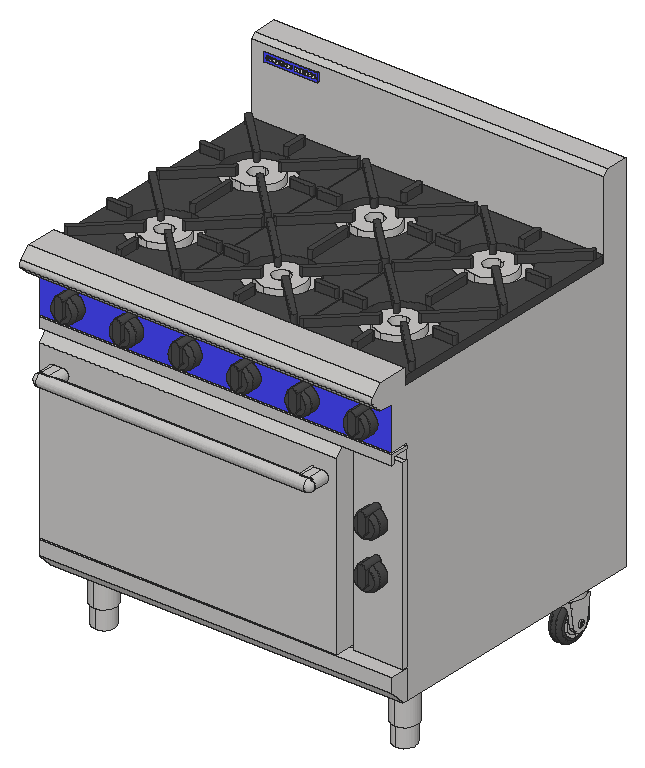
Revit family "QF_MOFFAT_BLUESEAL_CE_GE506D", category Specialty Equipment, Revit 2012
Parameters
  Width = 900 mm  # constant formula
  Weight in Pounds = 485
  Watts = 6500 W
  Volts = 400 V
  URL Cutsheet = "www.moffat.com"
  URL = "www.moffat.com"
  Type Mark [instance] = ""
  Status [instance] = ""
  Specification by User [instance] = ""
  Specification by Manufacturer = ""
  Show Logo [instance] = yes
  Show Clearance [instance] = yes
  Show Casters [instance] = yes
  Serial Number = ""
  Seismic Rating = ""
  SMACNA No = ""
  Revision Code [instance] = ""
  Phase = 3
  Omniclass Number and Title = ""
  Number of Poles [instance] = 1
  NAFEM Spec ID Number = ""
  Model = "GE506D"
  Min Ckt Ampacity = 0 A
  Mechanical Remarks = ""
  Mechanical Connection Type [instance] = ""
  Max Overcurrent Protection = 0 A
  Masterspec = ""
  Manufacturer = "MOFFAT BLUESEAL"
  Legs [instance] = not(Show Casters)  # no
  Item Number [instance] = ""
  Installed By [instance] = ""
  Identify Quantity as Lot [instance] = yes
  Height = 970 mm  # constant formula
  HP = ""
  Gas Size = 3/4"
  Gas RI Height [instance] = 0 mm
  Gas KW [instance] = 46.6
  Gas Input [instance] = 159233.0 Btu/h
  Gas Connection Height = 0 mm
  Furnished By [instance] = ""
  Foodservice Equipment Identifier [instance] = yes
  FL Amps = 9.4 A
  Electrical Remarks = "9.4A PER PHASE"
  Electric Connection Type = ""
  Elec Conn RI Height = 0 mm
  Elec Conn Connection Height = 0 mm
  Description = "900MM GAS RANGE WITH ELECTRIC STATIC OVEN"
  Depth = 812 mm  # constant formula
  Cycle = 50 Hz
  Conn Plug = ""
  Conn Conduit = yes
  CSI MasterFormat = ""
  CSI Master Format = ""
  Body Finish = QF_Finishes_Stainless Steel
  Apparent Power = 0 VA
Reference planes
  plane 1 "BACK": y = 0
  plane 2: z = 0
  plane 3 "LEFT": x = 0
  plane 4 "RIGHT": x = 900
  plane 5 "FRONT": y = -812
  plane 6 "TOP": z = 970
  plane 7 "Center Y": x = 450
  plane 8 "Center X": y = -406
  plane 9: x = 280
  plane 10: y = -574.272
  plane 11: x = 60
  plane 12: y = -304.972
  plane 13: y = -364.972
  plane 14: x = 74
  plane 15: y = -812
  plane 16: x = 834.5
  plane 17: y = -32
  plane 18: z = 655
  plane 19: y = -100
  plane 20: z = 1085
  plane 21: y = -705
  plane 22: x = 65.8
  plane 23: x = 534.2
  plane 24: x = 834.2
Forms (mm)
  Extrusion 1, solid, material "QF_Finishes_Stainless Steel" <- "Body Finish"
    sketch origin (0, 0, 0) x (0, 1, 0) y (0, 0, 1)
      loop
        line (0, 150) -> (0, 1085) -> (-57.5, 1085) -> (-70, 1072.5) -> (-70, 875) -> (-705, 875) -> (-705, 915) -> (-783.97, 915) -> (-808.476, 890.494)
        arc (-808.476, 890.494) -> (-811.994, 882) -> (-808.476, 873.506) r 12.013
        line (-808.476, 873.506) -> (-784.97, 850) -> (-749, 850) -> (-749, 740) -> (-699, 740) -> (-699, 150) -> (0, 150)
    from 0 to 900
  Extrusion 2, solid, material "QF_Finishes_Stainless Steel"
    sketch origin (0, 7, 0) x (0, 1, 0) y (0, 0, 1)
      loop
        line (-706, 700) -> (-732, 700) -> (-756, 676) -> (-756, 227.5) -> (-706, 227.5) -> (-706, 700)
    from 0 to 760
  Extrusion 3, solid, material "QF_Finishes_Stainless Steel"
    sketch origin (723.5, 7, 0) x (0, 1, 0) y (0, 0, 1)
      loop
        line (-706, 700) -> (-721, 700) -> (-721, 227.5) -> (-706, 227.5) -> (-706, 700)
    from 51.5 to 176.5
  Revolve 4, solid, material "QF_Finishes_Stainless Steel" <- "Body Finish"
    sketch origin (834.5, -696.126, 0) x (0, 1, 0) y (0, 0, -1)
      loop
        line (39.376, -150) -> (71.126, -150) -> (71.126, 0) -> (43.626, 0) -> (43.626, -50) -> (39.376, -50) -> (39.376, -150)
      axis (71.126, -150) -> (71.126, 0)
    angle from 0 to 360
  Revolve 5, solid, material "QF_Finishes_Stainless Steel" <- "Body Finish"
    sketch origin (65.5, -696.126, 0) x (0, 1, 0) y (0, 0, 1)
      loop
        line (39.376, 150) -> (39.376, 50) -> (43.626, 50) -> (43.626, 0) -> (71.126, 0) -> (71.126, 150) -> (39.376, 150)
      axis (71.126, 150) -> (71.126, 0)
    angle from 0 to 360
  Extrusion 6, solid, material "QF_Finishes_Stainless Steel"
    sketch origin (-64.5, 0, 325) x (1, 0, 0) y (0, 1, 0)
      loop
        circle (834.5, -32) r 10
    from 330 to 371
  Revolve 7, solid, material "QF_Finishes_Black"
    sketch origin (839.351, 45.874, -0.118) x (0, 1, 0) y (0, 0, 1)
      loop
        line (-827.874, 829.5) -> (-838.874, 823.651) -> (-838.874, 797) -> (-794.874, 797) -> (-794.874, 802) -> (-804.874, 802) -> (-804.874, 829.5) -> (-827.874, 829.5)
      axis (-838.874, 797) -> (-794.874, 797)
    angle from 0 to 360
  Revolve 8, solid, material "QF_Finishes_Black"
    sketch origin (689.351, 45.874, -0.118) x (0, 1, 0) y (0, 0, 1)
      loop
        line (-827.874, 829.5) -> (-838.874, 823.651) -> (-838.874, 797) -> (-794.874, 797) -> (-794.874, 802) -> (-804.874, 802) -> (-804.874, 829.5) -> (-827.874, 829.5)
      axis (-838.874, 797) -> (-794.874, 797)
    angle from 0 to 360
  Revolve 9, solid, material "QF_Finishes_Black"
    sketch origin (90.649, 45.874, -0.118) x (0, 1, 0) y (0, 0, -1)
      loop
        line (-827.874, -829.5) -> (-804.874, -829.5) -> (-804.874, -802) -> (-794.874, -802) -> (-794.874, -797) -> (-838.874, -797) -> (-838.874, -823.651) -> (-827.874, -829.5)
      axis (-838.874, -797) -> (-794.874, -797)
    angle from 0 to 360
  Revolve 10, solid, material "QF_Finishes_Black"
    sketch origin (240.649, 45.874, -0.118) x (0, 1, 0) y (0, 0, -1)
      loop
        line (-827.874, -829.5) -> (-804.874, -829.5) -> (-804.874, -802) -> (-794.874, -802) -> (-794.874, -797) -> (-838.874, -797) -> (-838.874, -823.651) -> (-827.874, -829.5)
      axis (-838.874, -797) -> (-794.874, -797)
    angle from 0 to 360
  Revolve 11, solid, material "QF_Finishes_Black"
    sketch origin (390.625, 45.874, -0.118) x (0, 1, 0) y (0, 0, -1)
      loop
        line (-827.874, -829.5) -> (-804.874, -829.5) -> (-804.874, -802) -> (-794.874, -802) -> (-794.874, -797) -> (-838.874, -797) -> (-838.874, -823.651) -> (-827.874, -829.5)
      axis (-838.874, -797) -> (-794.874, -797)
    angle from 0 to 360
  Extrusion 12, solid, material "QF_Finishes_Black"
    sketch origin (238.456, 7, -0.118) x (-1, 0, 0) y (0, 0, -1)
      loop
        arc (158.3, -789) -> (148.3, -779) -> (138.3, -789) r 10
        line (138.3, -789) -> (138.3, -824)
        arc (138.3, -824) -> (148.3, -834) -> (158.3, -824) r 10
        line (158.3, -824) -> (158.3, -789)
    from 759 to 808
  Extrusion 13, solid, material "QF_Finishes_Black"
    sketch origin (388.456, 7, -0.118) x (-1, 0, 0) y (0, 0, -1)
      loop
        arc (158.3, -789) -> (148.3, -779) -> (138.3, -789) r 10
        line (138.3, -789) -> (138.3, -824)
        arc (138.3, -824) -> (148.3, -834) -> (158.3, -824) r 10
        line (158.3, -824) -> (158.3, -789)
    from 759 to 808
  Extrusion 14, solid, material "QF_Finishes_Black"
    sketch origin (691.544, 7, -0.118) x (1, 0, 0) y (0, 0, 1)
      loop
        line (158.3, 789) -> (158.3, 824)
        arc (158.3, 824) -> (148.3, 834) -> (138.3, 824) r 10
        line (138.3, 824) -> (138.3, 789)
        arc (138.3, 789) -> (148.3, 779) -> (158.3, 789) r 10
    from 759 to 808
  Extrusion 15, solid, material "QF_Finishes_Black"
    sketch origin (541.544, 7, -0.118) x (1, 0, 0) y (0, 0, 1)
      loop
        line (158.3, 789) -> (158.3, 824)
        arc (158.3, 824) -> (148.3, 834) -> (138.3, 824) r 10
        line (138.3, 824) -> (138.3, 789)
        arc (138.3, 789) -> (148.3, 779) -> (158.3, 789) r 10
    from 759 to 808
  Extrusion 16, solid, material "QF_Finishes_Black"
    sketch origin (538.432, 7, -0.118) x (-1, 0, 0) y (0, 0, -1)
      loop
        arc (158.3, -789) -> (148.3, -779) -> (138.3, -789) r 10
        line (138.3, -789) -> (138.3, -824)
        arc (138.3, -824) -> (148.3, -834) -> (158.3, -824) r 10
        line (158.3, -824) -> (158.3, -789)
    from 759 to 808
  Extrusion 17, solid, material "QF_Finishes_Black"
    sketch origin (688.432, 7, -0.118) x (-1, 0, 0) y (0, 0, -1)
      loop
        arc (158.3, -789) -> (148.3, -779) -> (138.3, -789) r 10
        line (138.3, -789) -> (138.3, -824)
        arc (138.3, -824) -> (148.3, -834) -> (158.3, -824) r 10
        line (158.3, -824) -> (158.3, -789)
    from 759 to 808
  Revolve 18, solid, material "QF_Finishes_Black"
    sketch origin (836.851, 80.874, -245.743) x (0, 1, 0) y (0, 0, 1)
      loop
        line (-827.874, 829.5) -> (-838.874, 823.651) -> (-838.874, 797) -> (-794.874, 797) -> (-794.874, 802) -> (-804.874, 802) -> (-804.874, 829.5) -> (-827.874, 829.5)
      axis (-838.874, 797) -> (-794.874, 797)
    angle from 0 to 360
  Extrusion 19, solid, material "QF_Finishes_Black"
    sketch origin (689.044, 42, -245.743) x (1, 0, 0) y (0, 0, 1)
      loop
        line (158.3, 789) -> (158.3, 824)
        arc (158.3, 824) -> (148.3, 834) -> (138.3, 824) r 10
        line (138.3, 824) -> (138.3, 789)
        arc (138.3, 789) -> (148.3, 779) -> (158.3, 789) r 10
    from 759 to 808
  Extrusion 20, solid, material "QF_Door-Drawer Clearances", visible <- "Show Clearance", detail levels coarse
    sketch origin (0, 7, 0) x (0, -1, 0) y (0, 0, 1)
      loop
        line (756, 697.347) -> (756, 227.5) -> (1225.847, 227.5)
        arc (1225.847, 227.5) -> (1088.232, 559.732) -> (756, 697.347) r 469.847
    from 0 to -760
  Extrusion 21, void
    sketch origin (0, 0, 220) x (1, 0, 0) y (0, 1, 0)
      loop
        line (824, -87) -> (824, 0) -> (694, 0) -> (694, -39) -> (744, -87) -> (824, -87)
    from 0 to 476
  Revolve 22, solid, material "QF_Finishes_Black"
    sketch origin (540.625, 45.874, -0.118) x (0, 1, 0) y (0, 0, -1)
      loop
        line (-827.874, -829.5) -> (-804.874, -829.5) -> (-804.874, -802) -> (-794.874, -802) -> (-794.874, -797) -> (-838.874, -797) -> (-838.874, -823.651) -> (-827.874, -829.5)
      axis (-838.874, -797) -> (-794.874, -797)
    angle from 0 to 360
  Extrusion 23, solid, material "QF_Finishes_Stainless Steel"
    sketch origin (0, -749, 227.5) x (0, 0, 1) y (-1, 0, 0)
      loop
        line (380.625, -38.246) -> (380.625, -58.528)
        arc (380.625, -58.528) -> (395.625, -73.528) -> (410.625, -58.528) r 15
        line (410.625, -58.528) -> (410.625, -38.246)
        arc (410.625, -38.246) -> (395.625, -23.246) -> (380.625, -38.246) r 15
      loop
        arc (380.625, -723.039) -> (395.625, -738.039) -> (410.625, -723.039) r 15
        line (410.625, -723.039) -> (410.625, -702.757)
        arc (410.625, -702.757) -> (395.625, -687.757) -> (380.625, -702.757) r 15
        line (380.625, -702.757) -> (380.625, -723.039)
    from 0 to 44
  Revolve 24, solid, material "QF_Finishes_Stainless Steel"
    sketch origin (0, -793, 0) x (1, 0, 0) y (0, 0, 1)
      loop
        arc (738.039, 623.125) -> (733.646, 633.732) -> (723.039, 638.125) r 15
        line (723.039, 638.125) -> (38.246, 638.125)
        arc (38.246, 638.125) -> (27.64, 633.732) -> (23.246, 623.125) r 15
        line (23.246, 623.125) -> (738.039, 623.125)
      axis (738.039, 623.125) -> (23.246, 623.125)
    angle from 0 to 360
  Extrusion 25, solid, material "QF_Finishes_Stainless Steel" <- "Body Finish"
    sketch origin (0, 7, 0) x (0, 1, 0) y (0, 0, 1)
      loop
        line (-756, 710) -> (-747.224, 710) -> (-749.613, 726.999) -> (-707.93, 726.999) -> (-707.93, 734.003) -> (-756, 734.003) -> (-756, 710)
    from 0 to 900
  Extrusion 26, solid, material "QF_Finishes_Stainless Steel" <- "Body Finish"
    sketch origin (0, 4.73, 0) x (0, 1, 0) y (0, 0, 1)
      loop
        line (-753.73, 222.5) -> (-753.73, 186) -> (-717.73, 150) -> (-703.73, 150) -> (-703.73, 222.5) -> (-753.73, 222.5)
    from 0 to 900
  Extrusion 27, solid, material "QF_Finishes_Stainless Steel", visible <- "Show Casters"
    sketch origin (71.501, 133.353, -8.783) x (0, 1, 0) y (0, 0, 1)
      loop
        line (-201.603, 118.783) -> (-265.103, 118.783) -> (-252.746, 53.895)
        arc (-252.746, 53.895) -> (-233.353, 38.783) -> (-213.959, 53.895) r 20
        line (-213.959, 53.895) -> (-201.603, 118.783)
    from -35.667 to 22.923
  Revolve 28, solid, material "QF_Finishes_Stainless Steel", visible <- "Show Casters"
    sketch origin (65, -203, 0) x (0, 1, 0) y (0, 0, 1)
      loop
        line (67.25, 150) -> (67.25, 110) -> (103, 110) -> (103, 150) -> (67.25, 150)
      axis (103, 150) -> (103, 110)
    angle from 0 to 360
  Revolve 29, solid, material "QF_Finishes_Stainless Steel", visible <- "Show Casters"
    sketch origin (834.5, -203, 0) x (0, 1, 0) y (0, 0, -1)
      loop
        line (67.25, -150) -> (103, -150) -> (103, -110) -> (67.25, -110) -> (67.25, -150)
      axis (103, -150) -> (103, -110)
    angle from 0 to 360
  Revolve 30, solid, material "QF_Finishes_Stainless Steel", visible <- "Show Casters"
    sketch origin (785.276, -99.755, -13.653) x (1, 0, 0) y (0, 0, 1)
      loop
        line (14.841, 64.453) -> (83.584, 64.453) -> (83.584, 67.958) -> (82.314, 69.228) -> (80.79, 69.228) -> (80.79, 72.674) -> (68.644, 72.674) -> (68.644, 82.639) -> (65.088, 84.692) -> (63.738, 93.028) -> (65.881, 93.028) -> (65.881, 99.378) -> (65.088, 99.378) -> (65.088, 105.728)
        arc (65.088, 105.728) -> (62.298, 112.463) -> (55.563, 115.253) r 9.525
        line (55.563, 115.253) -> (42.863, 115.253)
        arc (42.863, 115.253) -> (36.127, 112.463) -> (33.338, 105.728) r 9.525
        line (33.338, 105.728) -> (33.338, 99.378) -> (32.544, 99.378) -> (32.544, 93.028) -> (34.687, 93.028) -> (33.352, 84.781) -> (29.782, 82.719) -> (29.782, 72.674) -> (17.635, 72.674) -> (17.635, 69.228) -> (16.111, 69.228) -> (14.841, 67.958) -> (14.841, 64.453)
      axis (14.841, 64.453) -> (83.584, 64.453)
    angle from 0 to 360
  Extrusion 31, solid, material "QF_Finishes_Stainless Steel", visible <- "Show Casters"
    sketch origin (841.001, 133.353, -8.783) x (0, 1, 0) y (0, 0, 1)
      loop
        line (-201.603, 118.783) -> (-265.103, 118.783) -> (-252.746, 53.895)
        arc (-252.746, 53.895) -> (-233.353, 38.783) -> (-213.959, 53.895) r 20
        line (-213.959, 53.895) -> (-201.603, 118.783)
    from -35.667 to 22.923
  Revolve 32, solid, material "QF_Finishes_Stainless Steel", visible <- "Legs"
    sketch origin (65, -165, 0) x (0, 1, 0) y (0, 0, 1)
      loop
        line (33.25, 150) -> (33.25, 50) -> (37.5, 50) -> (37.5, 0) -> (65, 0) -> (65, 150) -> (33.25, 150)
      axis (65, 150) -> (65, 0)
    angle from 0 to 360
  Revolve 33, solid, material "QF_Finishes_Stainless Steel", visible <- "Legs"
    sketch origin (834.5, -165, 0) x (0, 1, 0) y (0, 0, -1)
      loop
        line (33.25, -150) -> (65, -150) -> (65, 0) -> (37.5, 0) -> (37.5, -50) -> (33.25, -50) -> (33.25, -150)
      axis (65, -150) -> (65, 0)
    angle from 0 to 360
  Revolve 34, solid, material "QF_Finishes_Stainless Steel", visible <- "Show Casters"
    sketch origin (114.224, -99.755, -13.653) x (-1, 0, 0) y (0, 0, -1)
      loop
        line (14.841, -64.453) -> (14.841, -67.958) -> (16.111, -69.228) -> (17.635, -69.228) -> (17.635, -72.674) -> (29.782, -72.674) -> (29.782, -82.719) -> (33.352, -84.781) -> (34.687, -93.028) -> (32.544, -93.028) -> (32.544, -99.378) -> (33.338, -99.378) -> (33.338, -105.728)
        arc (33.338, -105.728) -> (36.127, -112.463) -> (42.863, -115.253) r 9.525
        line (42.863, -115.253) -> (55.563, -115.253)
        arc (55.563, -115.253) -> (62.298, -112.463) -> (65.088, -105.728) r 9.525
        line (65.088, -105.728) -> (65.088, -99.378) -> (65.881, -99.378) -> (65.881, -93.028) -> (63.738, -93.028) -> (65.088, -84.692) -> (68.644, -82.639) -> (68.644, -72.674) -> (80.79, -72.674) -> (80.79, -69.228) -> (82.314, -69.228) -> (83.584, -67.958) -> (83.584, -64.453) -> (14.841, -64.453)
      axis (14.841, -64.453) -> (83.584, -64.453)
    angle from 0 to 360
  Extrusion 35, solid, material "QF_Finishes_Black"
    sketch origin (0, -70, 875) x (0, -1, 0) y (1, 0, 0)
      loop
        arc (1, 4) -> (1.879, 1.879) -> (4, 1) r 3
        line (4, 1) -> (632, 1)
        arc (632, 1) -> (634.121, 1.879) -> (635, 4) r 3
        line (635, 4) -> (635, 297)
        arc (635, 297) -> (634.121, 299.121) -> (632, 300) r 3
        line (632, 300) -> (4, 300)
        arc (4, 300) -> (1.879, 299.121) -> (1, 297) r 3
        line (1, 297) -> (1, 4)
      loop
        circle (167.5, 150) r 85
      loop
        circle (467.768, 150) r 85
    from 0 to 19.5
  Extrusion 36, solid, material "QF_Finishes_Black"
    sketch origin (0, -73.5, 894.5) x (0, -1, 0) y (1, 0, 0)
      loop
        spline (323.602, 15.153) -> (322.681, 13.924) -> (322.131, 12.47) -> (321.99, 10.89) -> (322.267, 9.292) -> (322.943, 7.786) -> (323.973, 6.473) -> (325.286, 5.443) -> (326.792, 4.767) -> (328.39, 4.49) -> (329.97, 4.631) -> (331.424, 5.181) -> (332.653, 6.102)
        line (332.653, 6.102) -> (440.576, 114.025)
        spline (440.576, 114.025) -> (441.337, 115.095) -> (441.738, 116.399) -> (441.751, 117.851) -> (441.375, 119.35) -> (440.637, 120.795) -> (439.586, 122.086) -> (438.295, 123.137) -> (436.85, 123.875) -> (435.351, 124.251) -> (433.899, 124.238) -> (432.595, 123.837) -> (431.525, 123.076)
        line (431.525, 123.076) -> (323.602, 15.153)
      loop
        spline (371.852, 143.6) -> (373.146, 143.818) -> (374.352, 144.457) -> (375.388, 145.475) -> (376.182, 146.8) -> (376.682, 148.344) -> (376.852, 150) -> (376.682, 151.656) -> (376.182, 153.2) -> (375.388, 154.525) -> (374.352, 155.543) -> (373.146, 156.182) -> (371.852, 156.4)
        line (371.852, 156.4) -> (259.398, 156.4)
        spline (259.398, 156.4) -> (258.104, 156.182) -> (256.898, 155.543) -> (255.862, 154.525) -> (255.068, 153.2) -> (254.568, 151.656) -> (254.398, 150) -> (254.568, 148.344) -> (255.068, 146.8) -> (255.862, 145.475) -> (256.898, 144.457) -> (258.104, 143.818) -> (259.398, 143.6)
        line (259.398, 143.6) -> (371.852, 143.6)
      loop
        line (311.398, 15.153) -> (203.475, 123.076)
        spline (203.475, 123.076) -> (202.405, 123.837) -> (201.101, 124.238) -> (199.649, 124.251) -> (198.15, 123.875) -> (196.705, 123.137) -> (195.414, 122.086) -> (194.363, 120.795) -> (193.625, 119.35) -> (193.249, 117.851) -> (193.262, 116.399) -> (193.663, 115.095) -> (194.424, 114.025)
        line (194.424, 114.025) -> (302.347, 6.102)
        spline (302.347, 6.102) -> (303.416, 5.341) -> (304.721, 4.941) -> (306.172, 4.928) -> (307.671, 5.303) -> (309.116, 6.041) -> (310.408, 7.092) -> (311.459, 8.384) -> (312.197, 9.829) -> (312.572, 11.328) -> (312.559, 12.779) -> (312.159, 14.084) -> (311.398, 15.153)
      loop
        line (323.602, 284.847) -> (431.525, 176.924)
        spline (431.525, 176.924) -> (432.595, 176.163) -> (433.899, 175.762) -> (435.351, 175.749) -> (436.85, 176.125) -> (438.295, 176.863) -> (439.586, 177.914) -> (440.637, 179.205) -> (441.375, 180.65) -> (441.751, 182.149) -> (441.738, 183.601) -> (441.337, 184.905) -> (440.576, 185.975)
        line (440.576, 185.975) -> (332.653, 293.898)
        spline (332.653, 293.898) -> (331.424, 294.819) -> (329.97, 295.369) -> (328.39, 295.51) -> (326.792, 295.233) -> (325.286, 294.557) -> (323.973, 293.527) -> (322.943, 292.214) -> (322.267, 290.708) -> (321.99, 289.11) -> (322.131, 287.53) -> (322.681, 286.076) -> (323.602, 284.847)
      loop
        spline (311.398, 284.847) -> (312.159, 285.916) -> (312.559, 287.221) -> (312.572, 288.672) -> (312.197, 290.171) -> (311.459, 291.616) -> (310.408, 292.908) -> (309.116, 293.959) -> (307.671, 294.697) -> (306.172, 295.072) -> (304.721, 295.059) -> (303.416, 294.659) -> (302.347, 293.898)
        line (302.347, 293.898) -> (194.424, 185.975)
        spline (194.424, 185.975) -> (193.663, 184.905) -> (193.262, 183.601) -> (193.249, 182.149) -> (193.625, 180.65) -> (194.363, 179.205) -> (195.414, 177.914) -> (196.705, 176.863) -> (198.15, 176.125) -> (199.649, 175.749) -> (201.101, 175.762) -> (202.405, 176.163) -> (203.475, 176.924)
        line (203.475, 176.924) -> (311.398, 284.847)
      loop
        spline (73.549, 143.6) -> (74.844, 143.818) -> (76.049, 144.457) -> (77.085, 145.475) -> (77.88, 146.8) -> (78.379, 148.344) -> (78.549, 150) -> (78.379, 151.656) -> (77.88, 153.2) -> (77.085, 154.525) -> (76.049, 155.543) -> (74.844, 156.182) -> (73.549, 156.4)
        line (73.549, 156.4) -> (25.093, 156.4)
        spline (25.093, 156.4) -> (23.799, 156.182) -> (22.593, 155.543) -> (21.558, 154.525) -> (20.763, 153.2) -> (20.264, 151.656) -> (20.093, 150) -> (20.264, 148.344) -> (20.763, 146.8) -> (21.558, 145.475) -> (22.593, 144.457) -> (23.799, 143.818) -> (25.093, 143.6)
        line (25.093, 143.6) -> (73.549, 143.6)
      loop
        spline (608.1, 143.6) -> (609.394, 143.818) -> (610.6, 144.457) -> (611.636, 145.475) -> (612.43, 146.8) -> (612.93, 148.344) -> (613.1, 150) -> (612.93, 151.656) -> (612.43, 153.2) -> (611.636, 154.525) -> (610.6, 155.543) -> (609.394, 156.182) -> (608.1, 156.4)
        line (608.1, 156.4) -> (558.644, 156.4)
        spline (558.644, 156.4) -> (557.35, 156.182) -> (556.144, 155.543) -> (555.108, 154.525) -> (554.314, 153.2) -> (553.814, 151.656) -> (553.644, 150) -> (553.814, 148.344) -> (554.314, 146.8) -> (555.108, 145.475) -> (556.144, 144.457) -> (557.35, 143.818) -> (558.644, 143.6)
        line (558.644, 143.6) -> (608.1, 143.6)
      loop
        spline (457.6, 10.156) -> (457.818, 8.862) -> (458.457, 7.656) -> (459.475, 6.62) -> (460.8, 5.826) -> (462.344, 5.326) -> (464, 5.156) -> (465.656, 5.326) -> (467.2, 5.826) -> (468.525, 6.62) -> (469.543, 7.656) -> (470.182, 8.862) -> (470.4, 10.156)
        line (470.4, 10.156) -> (470.4, 58.612)
        spline (470.4, 58.612) -> (470.182, 59.906) -> (469.543, 61.112) -> (468.525, 62.148) -> (467.2, 62.942) -> (465.656, 63.442) -> (464, 63.612) -> (462.344, 63.442) -> (460.8, 62.942) -> (459.475, 62.148) -> (458.457, 61.112) -> (457.818, 59.906) -> (457.6, 58.612)
        line (457.6, 58.612) -> (457.6, 10.156)
      loop
        spline (160.966, 10.156) -> (161.184, 8.862) -> (161.823, 7.656) -> (162.841, 6.62) -> (164.166, 5.826) -> (165.71, 5.326) -> (167.366, 5.156) -> (169.022, 5.326) -> (170.566, 5.826) -> (171.892, 6.62) -> (172.909, 7.656) -> (173.548, 8.862) -> (173.766, 10.156)
        line (173.766, 10.156) -> (173.766, 58.612)
        spline (173.766, 58.612) -> (173.548, 59.906) -> (172.909, 61.112) -> (171.892, 62.148) -> (170.566, 62.942) -> (169.022, 63.442) -> (167.366, 63.612) -> (165.71, 63.442) -> (164.166, 62.942) -> (162.841, 62.148) -> (161.823, 61.112) -> (161.184, 59.906) -> (160.966, 58.612)
        line (160.966, 58.612) -> (160.966, 10.156)
      loop
        spline (457.6, 241.636) -> (457.818, 240.342) -> (458.457, 239.136) -> (459.475, 238.1) -> (460.8, 237.306) -> (462.344, 236.806) -> (464, 236.636) -> (465.656, 236.806) -> (467.2, 237.306) -> (468.525, 238.1) -> (469.543, 239.136) -> (470.182, 240.342) -> (470.4, 241.636)
        line (470.4, 241.636) -> (470.4, 290.092)
        spline (470.4, 290.092) -> (470.182, 291.386) -> (469.543, 292.592) -> (468.525, 293.628) -> (467.2, 294.422) -> (465.656, 294.922) -> (464, 295.092) -> (462.344, 294.922) -> (460.8, 294.422) -> (459.475, 293.628) -> (458.457, 292.592) -> (457.818, 291.386) -> (457.6, 290.092)
        line (457.6, 290.092) -> (457.6, 241.636)
      loop
        spline (160.966, 241.636) -> (161.184, 240.342) -> (161.823, 239.136) -> (162.841, 238.1) -> (164.166, 237.306) -> (165.71, 236.806) -> (167.366, 236.636) -> (169.022, 236.806) -> (170.566, 237.306) -> (171.892, 238.1) -> (172.909, 239.136) -> (173.548, 240.342) -> (173.766, 241.636)
        line (173.766, 241.636) -> (173.766, 290.092)
        spline (173.766, 290.092) -> (173.548, 291.386) -> (172.909, 292.592) -> (171.892, 293.628) -> (170.566, 294.422) -> (169.022, 294.922) -> (167.366, 295.092) -> (165.71, 294.922) -> (164.166, 294.422) -> (162.841, 293.628) -> (161.823, 292.592) -> (161.184, 291.386) -> (160.966, 290.092)
        line (160.966, 290.092) -> (160.966, 241.636)
      loop
        line (604.398, 15.153) -> (496.475, 123.076)
        spline (496.475, 123.076) -> (495.405, 123.837) -> (494.101, 124.238) -> (492.649, 124.251) -> (491.15, 123.875) -> (489.705, 123.137) -> (488.414, 122.086) -> (487.363, 120.795) -> (486.625, 119.35) -> (486.249, 117.851) -> (486.262, 116.399) -> (486.663, 115.095) -> (487.424, 114.025)
        line (487.424, 114.025) -> (595.347, 6.102)
        spline (595.347, 6.102) -> (596.576, 5.181) -> (598.03, 4.631) -> (599.61, 4.49) -> (601.208, 4.767) -> (602.714, 5.443) -> (604.027, 6.473) -> (605.057, 7.786) -> (605.733, 9.292) -> (606.01, 10.89) -> (605.869, 12.47) -> (605.319, 13.924) -> (604.398, 15.153)
      loop
        spline (604.398, 284.847) -> (605.319, 286.076) -> (605.869, 287.53) -> (606.01, 289.11) -> (605.733, 290.708) -> (605.057, 292.214) -> (604.027, 293.527) -> (602.714, 294.557) -> (601.208, 295.233) -> (599.61, 295.51) -> (598.03, 295.369) -> (596.576, 294.819) -> (595.347, 293.898)
        line (595.347, 293.898) -> (487.424, 185.975)
        spline (487.424, 185.975) -> (486.663, 184.905) -> (486.262, 183.601) -> (486.249, 182.149) -> (486.625, 180.65) -> (487.363, 179.205) -> (488.414, 177.914) -> (489.705, 176.863) -> (491.15, 176.125) -> (492.649, 175.749) -> (494.101, 175.762) -> (495.405, 176.163) -> (496.475, 176.924)
        line (496.475, 176.924) -> (604.398, 284.847)
      loop
        spline (16.602, 15.153) -> (15.841, 14.084) -> (15.441, 12.779) -> (15.428, 11.328) -> (15.803, 9.829) -> (16.541, 8.384) -> (17.592, 7.092) -> (18.884, 6.041) -> (20.329, 5.303) -> (21.828, 4.928) -> (23.279, 4.941) -> (24.584, 5.341) -> (25.653, 6.102)
        line (25.653, 6.102) -> (133.576, 114.025)
        spline (133.576, 114.025) -> (134.337, 115.095) -> (134.738, 116.399) -> (134.751, 117.851) -> (134.375, 119.35) -> (133.637, 120.795) -> (132.586, 122.086) -> (131.295, 123.137) -> (129.85, 123.875) -> (128.351, 124.251) -> (126.899, 124.238) -> (125.595, 123.837) -> (124.525, 123.076)
        line (124.525, 123.076) -> (16.602, 15.153)
      loop
        line (16.602, 284.847) -> (124.525, 176.924)
        spline (124.525, 176.924) -> (125.595, 176.163) -> (126.899, 175.762) -> (128.351, 175.749) -> (129.85, 176.125) -> (131.295, 176.863) -> (132.586, 177.914) -> (133.637, 179.205) -> (134.375, 180.65) -> (134.751, 182.149) -> (134.738, 183.601) -> (134.337, 184.905) -> (133.576, 185.975)
        line (133.576, 185.975) -> (25.653, 293.898)
        spline (25.653, 293.898) -> (24.584, 294.659) -> (23.279, 295.059) -> (21.828, 295.072) -> (20.329, 294.697) -> (18.884, 293.959) -> (17.592, 292.908) -> (16.541, 291.616) -> (15.803, 290.171) -> (15.428, 288.672) -> (15.441, 287.221) -> (15.841, 285.916) -> (16.602, 284.847)
      loop
        line (323.602, 584.847) -> (431.525, 476.924)
        spline (431.525, 476.924) -> (432.595, 476.163) -> (433.899, 475.762) -> (435.351, 475.749) -> (436.85, 476.125) -> (438.295, 476.863) -> (439.586, 477.914) -> (440.637, 479.205) -> (441.375, 480.65) -> (441.751, 482.149) -> (441.738, 483.601) -> (441.337, 484.905) -> (440.576, 485.975)
        line (440.576, 485.975) -> (332.653, 593.898)
        spline (332.653, 593.898) -> (331.424, 594.819) -> (329.97, 595.369) -> (328.39, 595.51) -> (326.792, 595.233) -> (325.286, 594.557) -> (323.973, 593.527) -> (322.943, 592.214) -> (322.267, 590.708) -> (321.99, 589.11) -> (322.131, 587.53) -> (322.681, 586.076) -> (323.602, 584.847)
      loop
        line (371.852, 456.4) -> (259.398, 456.4)
        spline (259.398, 456.4) -> (258.104, 456.182) -> (256.898, 455.543) -> (255.862, 454.525) -> (255.068, 453.2) -> (254.568, 451.656) -> (254.398, 450) -> (254.568, 448.344) -> (255.068, 446.8) -> (255.862, 445.475) -> (256.898, 444.457) -> (258.104, 443.818) -> (259.398, 443.6)
        line (259.398, 443.6) -> (371.852, 443.6)
        spline (371.852, 443.6) -> (373.146, 443.818) -> (374.352, 444.457) -> (375.388, 445.475) -> (376.182, 446.8) -> (376.682, 448.344) -> (376.852, 450) -> (376.682, 451.656) -> (376.182, 453.2) -> (375.388, 454.525) -> (374.352, 455.543) -> (373.146, 456.182) -> (371.852, 456.4)
      loop
        spline (311.398, 584.847) -> (312.159, 585.916) -> (312.559, 587.221) -> (312.572, 588.672) -> (312.197, 590.171) -> (311.459, 591.616) -> (310.408, 592.908) -> (309.116, 593.959) -> (307.671, 594.697) -> (306.172, 595.072) -> (304.721, 595.059) -> (303.416, 594.659) -> (302.347, 593.898)
        line (302.347, 593.898) -> (194.424, 485.975)
        spline (194.424, 485.975) -> (193.663, 484.905) -> (193.262, 483.601) -> (193.249, 482.149) -> (193.625, 480.65) -> (194.363, 479.205) -> (195.414, 477.914) -> (196.705, 476.863) -> (198.15, 476.125) -> (199.649, 475.749) -> (201.101, 475.762) -> (202.405, 476.163) -> (203.475, 476.924)
        line (203.475, 476.924) -> (311.398, 584.847)
      loop
        spline (323.602, 315.153) -> (322.681, 313.924) -> (322.131, 312.47) -> (321.99, 310.89) -> (322.267, 309.292) -> (322.943, 307.786) -> (323.973, 306.473) -> (325.286, 305.443) -> (326.792, 304.767) -> (328.39, 304.49) -> (329.97, 304.631) -> (331.424, 305.181) -> (332.653, 306.102)
        line (332.653, 306.102) -> (440.576, 414.025)
        spline (440.576, 414.025) -> (441.337, 415.095) -> (441.738, 416.399) -> (441.751, 417.851) -> (441.375, 419.35) -> (440.637, 420.795) -> (439.586, 422.086) -> (438.295, 423.137) -> (436.85, 423.875) -> (435.351, 424.251) -> (433.899, 424.238) -> (432.595, 423.837) -> (431.525, 423.076)
        line (431.525, 423.076) -> (323.602, 315.153)
      loop
        line (311.398, 315.153) -> (203.475, 423.076)
        spline (203.475, 423.076) -> (202.405, 423.837) -> (201.101, 424.238) -> (199.649, 424.251) -> (198.15, 423.875) -> (196.705, 423.137) -> (195.414, 422.086) -> (194.363, 420.795) -> (193.625, 419.35) -> (193.249, 417.851) -> (193.262, 416.399) -> (193.663, 415.095) -> (194.424, 414.025)
        line (194.424, 414.025) -> (302.347, 306.102)
        spline (302.347, 306.102) -> (303.416, 305.341) -> (304.721, 304.941) -> (306.172, 304.928) -> (307.671, 305.303) -> (309.116, 306.041) -> (310.408, 307.092) -> (311.459, 308.384) -> (312.197, 309.829) -> (312.572, 311.328) -> (312.559, 312.779) -> (312.159, 314.084) -> (311.398, 315.153)
      loop
        line (73.549, 456.4) -> (25.093, 456.4)
        spline (25.093, 456.4) -> (23.799, 456.182) -> (22.593, 455.543) -> (21.558, 454.525) -> (20.763, 453.2) -> (20.264, 451.656) -> (20.093, 450) -> (20.264, 448.344) -> (20.763, 446.8) -> (21.558, 445.475) -> (22.593, 444.457) -> (23.799, 443.818) -> (25.093, 443.6)
        line (25.093, 443.6) -> (73.549, 443.6)
        spline (73.549, 443.6) -> (74.844, 443.818) -> (76.049, 444.457) -> (77.085, 445.475) -> (77.88, 446.8) -> (78.379, 448.344) -> (78.549, 450) -> (78.379, 451.656) -> (77.88, 453.2) -> (77.085, 454.525) -> (76.049, 455.543) -> (74.844, 456.182) -> (73.549, 456.4)
      loop
        line (608.1, 456.4) -> (558.644, 456.4)
        spline (558.644, 456.4) -> (557.35, 456.182) -> (556.144, 455.543) -> (555.108, 454.525) -> (554.314, 453.2) -> (553.814, 451.656) -> (553.644, 450) -> (553.814, 448.344) -> (554.314, 446.8) -> (555.108, 445.475) -> (556.144, 444.457) -> (557.35, 443.818) -> (558.644, 443.6)
        line (558.644, 443.6) -> (608.1, 443.6)
        spline (608.1, 443.6) -> (609.394, 443.818) -> (610.6, 444.457) -> (611.636, 445.475) -> (612.43, 446.8) -> (612.93, 448.344) -> (613.1, 450) -> (612.93, 451.656) -> (612.43, 453.2) -> (611.636, 454.525) -> (610.6, 455.543) -> (609.394, 456.182) -> (608.1, 456.4)
      loop
        line (457.6, 589.844) -> (457.6, 541.388)
        spline (457.6, 541.388) -> (457.818, 540.094) -> (458.457, 538.888) -> (459.475, 537.852) -> (460.8, 537.058) -> (462.344, 536.558) -> (464, 536.388) -> (465.656, 536.558) -> (467.2, 537.058) -> (468.525, 537.852) -> (469.543, 538.888) -> (470.182, 540.094) -> (470.4, 541.388)
        line (470.4, 541.388) -> (470.4, 589.844)
        spline (470.4, 589.844) -> (470.182, 591.138) -> (469.543, 592.344) -> (468.525, 593.38) -> (467.2, 594.174) -> (465.656, 594.674) -> (464, 594.844) -> (462.344, 594.674) -> (460.8, 594.174) -> (459.475, 593.38) -> (458.457, 592.344) -> (457.818, 591.138) -> (457.6, 589.844)
      loop
        line (160.966, 589.844) -> (160.966, 541.388)
        spline (160.966, 541.388) -> (161.184, 540.094) -> (161.823, 538.888) -> (162.841, 537.852) -> (164.166, 537.058) -> (165.71, 536.558) -> (167.366, 536.388) -> (169.022, 536.558) -> (170.566, 537.058) -> (171.892, 537.852) -> (172.909, 538.888) -> (173.548, 540.094) -> (173.766, 541.388)
        line (173.766, 541.388) -> (173.766, 589.844)
        spline (173.766, 589.844) -> (173.548, 591.138) -> (172.909, 592.344) -> (171.892, 593.38) -> (170.566, 594.174) -> (169.022, 594.674) -> (167.366, 594.844) -> (165.71, 594.674) -> (164.166, 594.174) -> (162.841, 593.38) -> (161.823, 592.344) -> (161.184, 591.138) -> (160.966, 589.844)
      loop
        line (457.6, 358.364) -> (457.6, 309.908)
        spline (457.6, 309.908) -> (457.818, 308.614) -> (458.457, 307.408) -> (459.475, 306.372) -> (460.8, 305.578) -> (462.344, 305.078) -> (464, 304.908) -> (465.656, 305.078) -> (467.2, 305.578) -> (468.525, 306.372) -> (469.543, 307.408) -> (470.182, 308.614) -> (470.4, 309.908)
        line (470.4, 309.908) -> (470.4, 358.364)
        spline (470.4, 358.364) -> (470.182, 359.658) -> (469.543, 360.864) -> (468.525, 361.9) -> (467.2, 362.694) -> (465.656, 363.194) -> (464, 363.364) -> (462.344, 363.194) -> (460.8, 362.694) -> (459.475, 361.9) -> (458.457, 360.864) -> (457.818, 359.658) -> (457.6, 358.364)
      loop
        line (160.966, 358.364) -> (160.966, 309.908)
        spline (160.966, 309.908) -> (161.184, 308.614) -> (161.823, 307.408) -> (162.841, 306.372) -> (164.166, 305.578) -> (165.71, 305.078) -> (167.366, 304.908) -> (169.022, 305.078) -> (170.566, 305.578) -> (171.892, 306.372) -> (172.909, 307.408) -> (173.548, 308.614) -> (173.766, 309.908)
        line (173.766, 309.908) -> (173.766, 358.364)
        spline (173.766, 358.364) -> (173.548, 359.658) -> (172.909, 360.864) -> (171.892, 361.9) -> (170.566, 362.694) -> (169.022, 363.194) -> (167.366, 363.364) -> (165.71, 363.194) -> (164.166, 362.694) -> (162.841, 361.9) -> (161.823, 360.864) -> (161.184, 359.658) -> (160.966, 358.364)
      loop
        spline (604.398, 584.847) -> (605.319, 586.076) -> (605.869, 587.53) -> (606.01, 589.11) -> (605.733, 590.708) -> (605.057, 592.214) -> (604.027, 593.527) -> (602.714, 594.557) -> (601.208, 595.233) -> (599.61, 595.51) -> (598.03, 595.369) -> (596.576, 594.819) -> (595.347, 593.898)
        line (595.347, 593.898) -> (487.424, 485.975)
        spline (487.424, 485.975) -> (486.663, 484.905) -> (486.262, 483.601) -> (486.249, 482.149) -> (486.625, 480.65) -> (487.363, 479.205) -> (488.414, 477.914) -> (489.705, 476.863) -> (491.15, 476.125) -> (492.649, 475.749) -> (494.101, 475.762) -> (495.405, 476.163) -> (496.475, 476.924)
        line (496.475, 476.924) -> (604.398, 584.847)
      loop
        line (604.398, 315.153) -> (496.475, 423.076)
        spline (496.475, 423.076) -> (495.405, 423.837) -> (494.101, 424.238) -> (492.649, 424.251) -> (491.15, 423.875) -> (489.705, 423.137) -> (488.414, 422.086) -> (487.363, 420.795) -> (486.625, 419.35) -> (486.249, 417.851) -> (486.262, 416.399) -> (486.663, 415.095) -> (487.424, 414.025)
        line (487.424, 414.025) -> (595.347, 306.102)
        spline (595.347, 306.102) -> (596.576, 305.181) -> (598.03, 304.631) -> (599.61, 304.49) -> (601.208, 304.767) -> (602.714, 305.443) -> (604.027, 306.473) -> (605.057, 307.786) -> (605.733, 309.292) -> (606.01, 310.89) -> (605.869, 312.47) -> (605.319, 313.924) -> (604.398, 315.153)
      loop
        line (16.602, 584.847) -> (124.525, 476.924)
        spline (124.525, 476.924) -> (125.595, 476.163) -> (126.899, 475.762) -> (128.351, 475.749) -> (129.85, 476.125) -> (131.295, 476.863) -> (132.586, 477.914) -> (133.637, 479.205) -> (134.375, 480.65) -> (134.751, 482.149) -> (134.738, 483.601) -> (134.337, 484.905) -> (133.576, 485.975)
        line (133.576, 485.975) -> (25.653, 593.898)
        spline (25.653, 593.898) -> (24.584, 594.659) -> (23.279, 595.059) -> (21.828, 595.072) -> (20.329, 594.697) -> (18.884, 593.959) -> (17.592, 592.908) -> (16.541, 591.616) -> (15.803, 590.171) -> (15.428, 588.672) -> (15.441, 587.221) -> (15.841, 585.916) -> (16.602, 584.847)
      loop
        spline (16.602, 315.153) -> (15.841, 314.084) -> (15.441, 312.779) -> (15.428, 311.328) -> (15.803, 309.829) -> (16.541, 308.384) -> (17.592, 307.092) -> (18.884, 306.041) -> (20.329, 305.303) -> (21.828, 304.928) -> (23.279, 304.941) -> (24.584, 305.341) -> (25.653, 306.102)
        line (25.653, 306.102) -> (133.576, 414.025)
        spline (133.576, 414.025) -> (134.337, 415.095) -> (134.738, 416.399) -> (134.751, 417.851) -> (134.375, 419.35) -> (133.637, 420.795) -> (132.586, 422.086) -> (131.295, 423.137) -> (129.85, 423.875) -> (128.351, 424.251) -> (126.899, 424.238) -> (125.595, 423.837) -> (124.525, 423.076)
        line (124.525, 423.076) -> (16.602, 315.153)
      loop
        spline (323.602, 617.987) -> (322.681, 616.757) -> (322.131, 615.303) -> (321.99, 613.724) -> (322.267, 612.126) -> (322.943, 610.62) -> (323.973, 609.307) -> (325.286, 608.277) -> (326.792, 607.601) -> (328.39, 607.324) -> (329.97, 607.465) -> (331.424, 608.015) -> (332.653, 608.936)
        line (332.653, 608.936) -> (440.576, 716.859)
        spline (440.576, 716.859) -> (441.337, 717.928) -> (441.738, 719.233) -> (441.751, 720.684) -> (441.375, 722.184) -> (440.637, 723.628) -> (439.586, 724.92) -> (438.295, 725.971) -> (436.85, 726.709) -> (435.351, 727.084) -> (433.899, 727.071) -> (432.595, 726.671) -> (431.525, 725.91)
        line (431.525, 725.91) -> (323.602, 617.987)
      loop
        spline (371.852, 746.434) -> (373.146, 746.652) -> (374.352, 747.291) -> (375.388, 748.308) -> (376.182, 749.634) -> (376.682, 751.177) -> (376.852, 752.834) -> (376.682, 754.49) -> (376.182, 756.034) -> (375.388, 757.359) -> (374.352, 758.376) -> (373.146, 759.016) -> (371.852, 759.234)
        line (371.852, 759.234) -> (259.398, 759.234)
        spline (259.398, 759.234) -> (258.104, 759.016) -> (256.898, 758.376) -> (255.862, 757.359) -> (255.068, 756.034) -> (254.568, 754.49) -> (254.398, 752.834) -> (254.568, 751.177) -> (255.068, 749.634) -> (255.862, 748.308) -> (256.898, 747.291) -> (258.104, 746.652) -> (259.398, 746.434)
        line (259.398, 746.434) -> (371.852, 746.434)
      loop
        line (311.398, 617.987) -> (203.475, 725.91)
        spline (203.475, 725.91) -> (202.405, 726.671) -> (201.101, 727.071) -> (199.649, 727.084) -> (198.15, 726.709) -> (196.705, 725.971) -> (195.414, 724.92) -> (194.363, 723.628) -> (193.625, 722.184) -> (193.249, 720.684) -> (193.262, 719.233) -> (193.663, 717.928) -> (194.424, 716.859)
        line (194.424, 716.859) -> (302.347, 608.936)
        spline (302.347, 608.936) -> (303.416, 608.175) -> (304.721, 607.775) -> (306.172, 607.761) -> (307.671, 608.137) -> (309.116, 608.875) -> (310.408, 609.926) -> (311.459, 611.218) -> (312.197, 612.662) -> (312.572, 614.161) -> (312.559, 615.613) -> (312.159, 616.918) -> (311.398, 617.987)
      loop
        line (323.602, 887.68) -> (431.525, 779.757)
        spline (431.525, 779.757) -> (432.595, 778.997) -> (433.899, 778.596) -> (435.351, 778.583) -> (436.85, 778.958) -> (438.295, 779.697) -> (439.586, 780.747) -> (440.637, 782.039) -> (441.375, 783.484) -> (441.751, 784.983) -> (441.738, 786.434) -> (441.337, 787.739) -> (440.576, 788.808)
        line (440.576, 788.808) -> (332.653, 896.731)
        spline (332.653, 896.731) -> (331.424, 897.653) -> (329.97, 898.202) -> (328.39, 898.344) -> (326.792, 898.067) -> (325.286, 897.39) -> (323.973, 896.361) -> (322.943, 895.048) -> (322.267, 893.541) -> (321.99, 891.944) -> (322.131, 890.364) -> (322.681, 888.91) -> (323.602, 887.68)
      loop
        spline (311.398, 887.68) -> (312.159, 888.75) -> (312.559, 890.055) -> (312.572, 891.506) -> (312.197, 893.005) -> (311.459, 894.45) -> (310.408, 895.741) -> (309.116, 896.792) -> (307.671, 897.531) -> (306.172, 897.906) -> (304.721, 897.893) -> (303.416, 897.492) -> (302.347, 896.731)
        line (302.347, 896.731) -> (194.424, 788.808)
        spline (194.424, 788.808) -> (193.663, 787.739) -> (193.262, 786.434) -> (193.249, 784.983) -> (193.625, 783.484) -> (194.363, 782.039) -> (195.414, 780.747) -> (196.705, 779.697) -> (198.15, 778.958) -> (199.649, 778.583) -> (201.101, 778.596) -> (202.405, 778.997) -> (203.475, 779.757)
        line (203.475, 779.757) -> (311.398, 887.68)
      loop
        spline (73.549, 746.434) -> (74.844, 746.652) -> (76.049, 747.291) -> (77.085, 748.308) -> (77.88, 749.634) -> (78.379, 751.177) -> (78.549, 752.834) -> (78.379, 754.49) -> (77.88, 756.034) -> (77.085, 757.359) -> (76.049, 758.376) -> (74.844, 759.016) -> (73.549, 759.234)
        line (73.549, 759.234) -> (25.093, 759.234)
        spline (25.093, 759.234) -> (23.799, 759.016) -> (22.593, 758.376) -> (21.558, 757.359) -> (20.763, 756.034) -> (20.264, 754.49) -> (20.093, 752.834) -> (20.264, 751.177) -> (20.763, 749.634) -> (21.558, 748.308) -> (22.593, 747.291) -> (23.799, 746.652) -> (25.093, 746.434)
        line (25.093, 746.434) -> (73.549, 746.434)
      loop
        spline (608.1, 746.434) -> (609.394, 746.652) -> (610.6, 747.291) -> (611.636, 748.308) -> (612.43, 749.634) -> (612.93, 751.177) -> (613.1, 752.834) -> (612.93, 754.49) -> (612.43, 756.034) -> (611.636, 757.359) -> (610.6, 758.376) -> (609.394, 759.016) -> (608.1, 759.234)
        line (608.1, 759.234) -> (558.644, 759.234)
        spline (558.644, 759.234) -> (557.35, 759.016) -> (556.144, 758.376) -> (555.108, 757.359) -> (554.314, 756.034) -> (553.814, 754.49) -> (553.644, 752.834) -> (553.814, 751.177) -> (554.314, 749.634) -> (555.108, 748.308) -> (556.144, 747.291) -> (557.35, 746.652) -> (558.644, 746.434)
        line (558.644, 746.434) -> (608.1, 746.434)
      loop
        spline (457.6, 612.99) -> (457.818, 611.696) -> (458.457, 610.49) -> (459.475, 609.454) -> (460.8, 608.66) -> (462.344, 608.16) -> (464, 607.99) -> (465.656, 608.16) -> (467.2, 608.66) -> (468.525, 609.454) -> (469.543, 610.49) -> (470.182, 611.696) -> (470.4, 612.99)
        line (470.4, 612.99) -> (470.4, 661.446)
        spline (470.4, 661.446) -> (470.182, 662.74) -> (469.543, 663.946) -> (468.525, 664.981) -> (467.2, 665.776) -> (465.656, 666.275) -> (464, 666.446) -> (462.344, 666.275) -> (460.8, 665.776) -> (459.475, 664.981) -> (458.457, 663.946) -> (457.818, 662.74) -> (457.6, 661.446)
        line (457.6, 661.446) -> (457.6, 612.99)
      loop
        spline (160.966, 612.99) -> (161.184, 611.696) -> (161.823, 610.49) -> (162.841, 609.454) -> (164.166, 608.66) -> (165.71, 608.16) -> (167.366, 607.99) -> (169.022, 608.16) -> (170.566, 608.66) -> (171.892, 609.454) -> (172.909, 610.49) -> (173.548, 611.696) -> (173.766, 612.99)
        line (173.766, 612.99) -> (173.766, 661.446)
        spline (173.766, 661.446) -> (173.548, 662.74) -> (172.909, 663.946) -> (171.892, 664.981) -> (170.566, 665.776) -> (169.022, 666.275) -> (167.366, 666.446) -> (165.71, 666.275) -> (164.166, 665.776) -> (162.841, 664.981) -> (161.823, 663.946) -> (161.184, 662.74) -> (160.966, 661.446)
        line (160.966, 661.446) -> (160.966, 612.99)
      loop
        spline (457.6, 844.47) -> (457.818, 843.176) -> (458.457, 841.97) -> (459.475, 840.934) -> (460.8, 840.14) -> (462.344, 839.64) -> (464, 839.47) -> (465.656, 839.64) -> (467.2, 840.14) -> (468.525, 840.934) -> (469.543, 841.97) -> (470.182, 843.176) -> (470.4, 844.47)
        line (470.4, 844.47) -> (470.4, 892.926)
        spline (470.4, 892.926) -> (470.182, 894.22) -> (469.543, 895.426) -> (468.525, 896.461) -> (467.2, 897.256) -> (465.656, 897.755) -> (464, 897.926) -> (462.344, 897.755) -> (460.8, 897.256) -> (459.475, 896.461) -> (458.457, 895.426) -> (457.818, 894.22) -> (457.6, 892.926)
        line (457.6, 892.926) -> (457.6, 844.47)
      loop
        spline (160.966, 844.47) -> (161.184, 843.176) -> (161.823, 841.97) -> (162.841, 840.934) -> (164.166, 840.14) -> (165.71, 839.64) -> (167.366, 839.47) -> (169.022, 839.64) -> (170.566, 840.14) -> (171.892, 840.934) -> (172.909, 841.97) -> (173.548, 843.176) -> (173.766, 844.47)
        line (173.766, 844.47) -> (173.766, 892.926)
        spline (173.766, 892.926) -> (173.548, 894.22) -> (172.909, 895.426) -> (171.892, 896.461) -> (170.566, 897.256) -> (169.022, 897.755) -> (167.366, 897.926) -> (165.71, 897.755) -> (164.166, 897.256) -> (162.841, 896.461) -> (161.823, 895.426) -> (161.184, 894.22) -> (160.966, 892.926)
        line (160.966, 892.926) -> (160.966, 844.47)
      loop
        line (604.398, 617.987) -> (496.475, 725.91)
        spline (496.475, 725.91) -> (495.405, 726.671) -> (494.101, 727.071) -> (492.649, 727.084) -> (491.15, 726.709) -> (489.705, 725.971) -> (488.414, 724.92) -> (487.363, 723.628) -> (486.625, 722.184) -> (486.249, 720.684) -> (486.262, 719.233) -> (486.663, 717.928) -> (487.424, 716.859)
        line (487.424, 716.859) -> (595.347, 608.936)
        spline (595.347, 608.936) -> (596.576, 608.015) -> (598.03, 607.465) -> (599.61, 607.324) -> (601.208, 607.601) -> (602.714, 608.277) -> (604.027, 609.307) -> (605.057, 610.62) -> (605.733, 612.126) -> (606.01, 613.724) -> (605.869, 615.303) -> (605.319, 616.757) -> (604.398, 617.987)
      loop
        spline (604.398, 887.68) -> (605.319, 888.91) -> (605.869, 890.364) -> (606.01, 891.944) -> (605.733, 893.541) -> (605.057, 895.048) -> (604.027, 896.361) -> (602.714, 897.39) -> (601.208, 898.067) -> (599.61, 898.344) -> (598.03, 898.202) -> (596.576, 897.653) -> (595.347, 896.731)
        line (595.347, 896.731) -> (487.424, 788.808)
        spline (487.424, 788.808) -> (486.663, 787.739) -> (486.262, 786.434) -> (486.249, 784.983) -> (486.625, 783.484) -> (487.363, 782.039) -> (488.414, 780.747) -> (489.705, 779.697) -> (491.15, 778.958) -> (492.649, 778.583) -> (494.101, 778.596) -> (495.405, 778.997) -> (496.475, 779.757)
        line (496.475, 779.757) -> (604.398, 887.68)
      loop
        spline (16.602, 617.987) -> (15.841, 616.918) -> (15.441, 615.613) -> (15.428, 614.161) -> (15.803, 612.662) -> (16.541, 611.218) -> (17.592, 609.926) -> (18.884, 608.875) -> (20.329, 608.137) -> (21.828, 607.761) -> (23.279, 607.775) -> (24.584, 608.175) -> (25.653, 608.936)
        line (25.653, 608.936) -> (133.576, 716.859)
        spline (133.576, 716.859) -> (134.337, 717.928) -> (134.738, 719.233) -> (134.751, 720.684) -> (134.375, 722.184) -> (133.637, 723.628) -> (132.586, 724.92) -> (131.295, 725.971) -> (129.85, 726.709) -> (128.351, 727.084) -> (126.899, 727.071) -> (125.595, 726.671) -> (124.525, 725.91)
        line (124.525, 725.91) -> (16.602, 617.987)
      loop
        line (16.602, 887.68) -> (124.525, 779.757)
        spline (124.525, 779.757) -> (125.595, 778.997) -> (126.899, 778.596) -> (128.351, 778.583) -> (129.85, 778.958) -> (131.295, 779.697) -> (132.586, 780.747) -> (133.637, 782.039) -> (134.375, 783.484) -> (134.751, 784.983) -> (134.738, 786.434) -> (134.337, 787.739) -> (133.576, 788.808)
        line (133.576, 788.808) -> (25.653, 896.731)
        spline (25.653, 896.731) -> (24.584, 897.492) -> (23.279, 897.893) -> (21.828, 897.906) -> (20.329, 897.531) -> (18.884, 896.792) -> (17.592, 895.741) -> (16.541, 894.45) -> (15.803, 893.005) -> (15.428, 891.506) -> (15.441, 890.055) -> (15.841, 888.75) -> (16.602, 887.68)
    from 0 to 20.5
  Extrusion 37, solid, material "QF_Finishes_Stainless Steel"
    sketch origin (0, -70, 875) x (0, -1, 0) y (1, 0, 0)
      loop
        circle (467.5, 150) r 57
      loop
        circle (167.5, 150) r 57
      loop
        circle (467.5, 150) r 22
      loop
        circle (167.5, 150) r 22
      loop
        circle (467.5, 750) r 57
      loop
        circle (167.5, 750) r 57
      loop
        circle (467.5, 750) r 22
      loop
        circle (167.5, 750) r 22
      loop
        circle (467.5, 450) r 57
      loop
        circle (167.5, 450) r 57
      loop
        circle (467.5, 450) r 22
      loop
        circle (167.5, 450) r 22
    from 0 to 19.5
  Extrusion 38, solid, material "QF_Finishes_Black"
    sketch origin (600, -70, 875) x (0, -1, 0) y (1, 0, 0)
      loop
        line (1, -1.583) -> (1, -297)
        arc (1, -297) -> (1.879, -299.121) -> (4, -300) r 3
        line (4, -300) -> (632, -300)
        arc (632, -300) -> (634.121, -299.121) -> (635, -297) r 3
        line (635, -297) -> (635, -1.583)
        arc (635, -1.583) -> (634.121, 0.538) -> (632, 1.417) r 3
        line (632, 1.417) -> (4, 1.417)
        arc (4, 1.417) -> (1.879, 0.538) -> (1, -1.583) r 3
      loop
        circle (167.5, -150) r 85
      loop
        circle (467.768, -150) r 85
    from 0 to 19.5
  Extrusion 39, solid, material "QF_Finishes_Black"
    sketch origin (900, -70, 875) x (0, -1, 0) y (1, 0, 0)
      loop
        line (1, -3) -> (1, -295.583)
        arc (1, -295.583) -> (1.879, -297.704) -> (4, -298.583) r 3
        line (4, -298.583) -> (632, -298.583)
        arc (632, -298.583) -> (634.121, -297.704) -> (635, -295.583) r 3
        line (635, -295.583) -> (635, -3)
        arc (635, -3) -> (634.121, -0.879) -> (632, 0) r 3
        line (632, 0) -> (4, 0)
        arc (4, 0) -> (1.879, -0.879) -> (1, -3) r 3
      loop
        circle (167.5, -150) r 85
      loop
        circle (467.768, -150) r 85
    from 0 to 19.5
  Extrusion 40, solid, material "QF_Finishes_Stainless Steel"
    sketch origin (0, 0, 0) x (1, 0, 0) y (0, 1, 0)
      loop
        circle (826, -501) r 6.35
    from 150 to 147.817
  Revolve 41, solid, material "QF_Finishes_Black"
    sketch origin (836.851, 80.874, -365.743) x (0, 1, 0) y (0, 0, 1)
      loop
        line (-827.874, 829.5) -> (-838.874, 823.651) -> (-838.874, 797) -> (-794.874, 797) -> (-794.874, 802) -> (-804.874, 802) -> (-804.874, 829.5) -> (-827.874, 829.5)
      axis (-838.874, 797) -> (-794.874, 797)
    angle from 0 to 360
  Extrusion 42, solid, material "QF_Finishes_Black"
    sketch origin (689.044, 42, -365.743) x (1, 0, 0) y (0, 0, 1)
      loop
        line (158.3, 789) -> (158.3, 824)
        arc (158.3, 824) -> (148.3, 834) -> (138.3, 824) r 10
        line (138.3, 824) -> (138.3, 789)
        arc (138.3, 789) -> (148.3, 779) -> (158.3, 789) r 10
    from 759 to 808
Cuts and joins
  Extrusion 21 cuts Extrusion 1
Lines and regions (mm)
  Split face 1
    outline origin (900, 0, 1085) x (-1, 0, 0) y (0, -1, 0)
      loop
        arc (867.206, 18.385) -> (875.866, 23.385) -> (875.866, 33.385) r 10
        line (875.866, 33.385) -> (871.824, 40.385)
        arc (871.824, 40.385) -> (868.164, 44.045) -> (863.164, 45.385) r 10
        line (863.164, 45.385) -> (635.206, 45.385)
        arc (635.206, 45.385) -> (626.545, 40.385) -> (626.545, 30.385) r 10
        line (626.545, 30.385) -> (630.587, 23.385)
        arc (630.587, 23.385) -> (634.247, 19.725) -> (639.247, 18.385) r 10
        line (639.247, 18.385) -> (867.206, 18.385)
  Split face 2
    outline origin (900, 0, 1085) x (-1, 0, 0) y (0, -1, 0)
      loop
        arc (567.206, 18.385) -> (575.866, 23.385) -> (575.866, 33.385) r 10
        line (575.866, 33.385) -> (571.824, 40.385)
        arc (571.824, 40.385) -> (568.164, 44.045) -> (563.164, 45.385) r 10
        line (563.164, 45.385) -> (335.206, 45.385)
        arc (335.206, 45.385) -> (326.545, 40.385) -> (326.545, 30.385) r 10
        line (326.545, 30.385) -> (330.587, 23.385)
        arc (330.587, 23.385) -> (334.247, 19.725) -> (339.247, 18.385) r 10
        line (339.247, 18.385) -> (567.206, 18.385)
  Split face 3
    outline origin (900, 0, 1085) x (-1, 0, 0) y (0, -1, 0)
      loop
        arc (35.206, 45.385) -> (26.545, 40.385) -> (26.545, 30.385) r 10
        line (26.545, 30.385) -> (30.587, 23.385)
        arc (30.587, 23.385) -> (34.247, 19.725) -> (39.247, 18.385) r 10
        line (39.247, 18.385) -> (267.206, 18.385)
        arc (267.206, 18.385) -> (275.866, 23.385) -> (275.866, 33.385) r 10
        line (275.866, 33.385) -> (271.824, 40.385)
        arc (271.824, 40.385) -> (268.164, 44.045) -> (263.164, 45.385) r 10
        line (263.164, 45.385) -> (35.206, 45.385)
  symbolic lines
    curve 1: line (0, 0, 0) -> (0, -812, 0)
    curve 2: line (900, 0, 0) -> (0, 0, 0)
    curve 3: line (900, -812, 0) -> (900, 0, 0)
    curve 4: line (0, -70, 0) -> (900, -70, 0)
    curve 5: line (900, -812, 0) -> (0, -812, 0)
    curve 6: line (900, -705, 0) -> (0, -705, 0)
    curve 7: line (0, -701.7, 0) -> (900, -701.7, 0)
    curve 8: line (900, -72.734, 0) -> (0, -72.734, 0)
    curve 9: arc (22.65, -812, 0) -> (34.104, -822.278, 0) -> (48.889, -826.544, 0) r 34.455
    curve 10: line (48.889, -826.544, 0) -> (721.858, -826.544, 0)
    curve 11: arc (721.858, -826.544, 0) -> (736.403, -822.647, 0) -> (747.05, -812, 0) r 29.089
    curve 15: line (300, -72.734, 0) -> (300, -701.7, 0)
    curve 16: line (601.417, -72.734, 0) -> (601.417, -701.7, 0)
    curve 17: line (0, -391, 0) -> (900, -391, 0)
    curve 18: line (149.988, -331.778, 0) -> (149.988, -448.358, 0)
    curve 19: line (150.034, -681.268, 0) -> (150.034, -628.558, 0)
    curve 20: line (9.26, -537.634, 0) -> (59.26, -537.634, 0)
    curve 21: line (178.593, -512.407, 0) -> (291.73, -399.27, 0)
    curve 22: line (291.767, -537.634, 0) -> (240.041, -537.634, 0)
    curve 23: arc (150, -480.5, 150) -> (207, -537.5, 150) -> (150, -594.5, 150) r 57
    curve 24: arc (150, -594.5, 150) -> (93, -537.5, 150) -> (150, -480.5, 150) r 57
    curve 25: arc (150, -622.768, 150) -> (235, -537.768, 150) -> (150, -452.768, 150) r 85
    curve 26: arc (150, -452.768, 150) -> (65, -537.768, 150) -> (150, -622.768, 150) r 85
    curve 27: arc (150, -515.5, 150) -> (128, -537.5, 150) -> (150, -559.5, 150) r 22
    curve 28: arc (150, -559.5, 150) -> (172, -537.5, 150) -> (150, -515.5, 150) r 22
    curve 29: line (121.407, -512.407, 0) -> (8.27, -399.27, 0)
    curve 30: line (178.593, -562.593, 0) -> (291.73, -675.73, 0)
    curve 31: line (121.407, -562.593, 0) -> (8.27, -675.73, 0)
    curve 32: line (150.034, -96.281, 0) -> (150.034, -149.16, 0)
    curve 33: line (178.593, -269.593, 0) -> (291.73, -382.73, 0)
    curve 34: line (121.407, -269.593, 0) -> (8.27, -382.73, 0)
    curve 35: line (9.26, -241, 0) -> (59.26, -241, 0)
    curve 36: line (291.767, -241, 0) -> (240.041, -241, 0)
    curve 37: arc (150, -322.5, 150) -> (235, -237.5, 150) -> (150, -152.5, 150) r 85
    curve 38: arc (150, -152.5, 150) -> (65, -237.5, 150) -> (150, -322.5, 150) r 85
    curve 39: arc (150, -180.5, 150) -> (207, -237.5, 150) -> (150, -294.5, 150) r 57
    curve 40: arc (150, -294.5, 150) -> (93, -237.5, 150) -> (150, -180.5, 150) r 57
    curve 41: arc (150, -259.5, 150) -> (172, -237.5, 150) -> (150, -215.5, 150) r 22
    curve 42: arc (150, -215.5, 150) -> (128, -237.5, 150) -> (150, -259.5, 150) r 22
    curve 43: line (178.593, -205.407, 0) -> (291.73, -92.27, 0)
    curve 44: line (121.407, -205.407, 0) -> (8.27, -92.27, 0)
    curve 45: arc (450, -480.5, 150) -> (507, -537.5, 150) -> (450, -594.5, 150) r 57
    curve 46: arc (450, -594.5, 150) -> (393, -537.5, 150) -> (450, -480.5, 150) r 57
    curve 47: arc (450, -515.5, 150) -> (428, -537.5, 150) -> (450, -559.5, 150) r 22
    curve 48: arc (450, -559.5, 150) -> (472, -537.5, 150) -> (450, -515.5, 150) r 22
    curve 49: arc (750, -480.5, 150) -> (807, -537.5, 150) -> (750, -594.5, 150) r 57
    curve 50: arc (750, -594.5, 150) -> (693, -537.5, 150) -> (750, -480.5, 150) r 57
    curve 51: arc (750, -515.5, 150) -> (728, -537.5, 150) -> (750, -559.5, 150) r 22
    curve 52: arc (750, -559.5, 150) -> (772, -537.5, 150) -> (750, -515.5, 150) r 22
    curve 53: arc (750, -622.768, 150) -> (665, -537.768, 150) -> (750, -452.768, 150) r 85
    curve 54: arc (750, -452.768, 150) -> (835, -537.768, 150) -> (750, -622.768, 150) r 85
    curve 55: arc (750, -322.5, 150) -> (665, -237.5, 150) -> (750, -152.5, 150) r 85
    curve 56: arc (750, -152.5, 150) -> (835, -237.5, 150) -> (750, -322.5, 150) r 85
    curve 57: arc (750, -180.5, 150) -> (693, -237.5, 150) -> (750, -294.5, 150) r 57
    curve 58: arc (750, -294.5, 150) -> (807, -237.5, 150) -> (750, -180.5, 150) r 57
    curve 59: arc (750, -259.5, 150) -> (728, -237.5, 150) -> (750, -215.5, 150) r 22
    curve 60: arc (750, -215.5, 150) -> (772, -237.5, 150) -> (750, -259.5, 150) r 22
    curve 61: arc (450, -622.768, 150) -> (365, -537.768, 150) -> (450, -452.768, 150) r 85
    curve 62: arc (450, -452.768, 150) -> (535, -537.768, 150) -> (450, -622.768, 150) r 85
    curve 63: arc (450, -322.5, 150) -> (365, -237.5, 150) -> (450, -152.5, 150) r 85
    curve 64: arc (450, -152.5, 150) -> (535, -237.5, 150) -> (450, -322.5, 150) r 85
    curve 65: arc (450, -180.5, 150) -> (393, -237.5, 150) -> (450, -294.5, 150) r 57
    curve 66: arc (450, -294.5, 150) -> (507, -237.5, 150) -> (450, -180.5, 150) r 57
